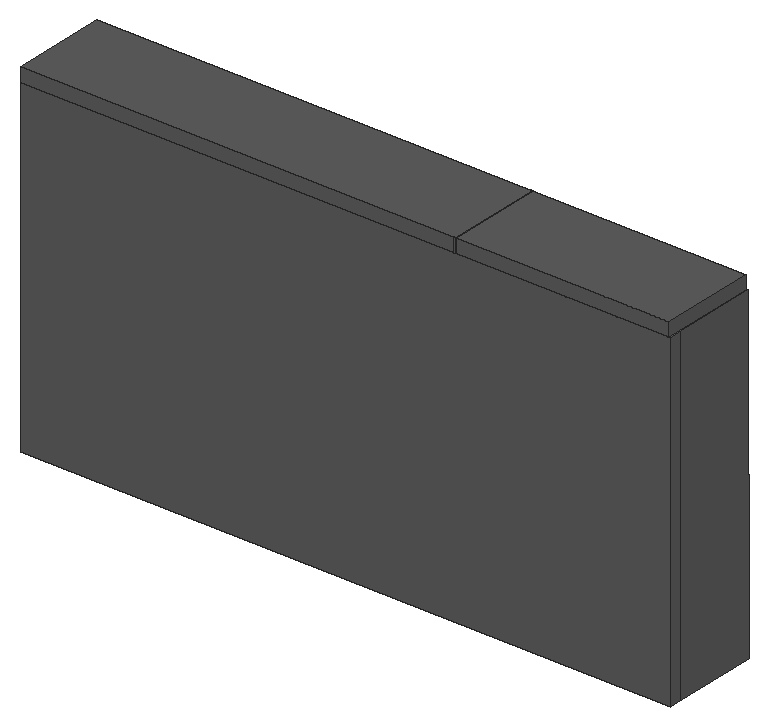
Revit family "WashbasinUnit-90cm-Left-Vitra-OriginSeries-65673+65674+65675", category Furniture Systems, host Face, Revit 2017
Family settings
  Host = Face
  Round Connector Dimension = Use Diameter
  Part Type = Normal
  OmniClass Number = 23.40.00.00
  OmniClass Title = Equipment and Furnishings
  Cut with Voids When Loaded = No
  Shared = Yes
  Room Calculation Point = No
Parameters (values of type "WashbasinUnit-Vitra-OriginSeries-90cm-Left_65673")
  Youtube = "https://www.youtube.com/user/VitrAglobal"
  Weight Net (kg) = "21"
  Warranty Period (Year) = "2"
  Uniformat II Description = "FURNISHINGS"
  Uniformat II Code = "E20"
  Uniclass 2015 Name = "Wash basins, sinks and troughs"
  Uniclass 2015 Code = "Pr_40_20_93"
  Uniclass 2.0 Description = "Bathroom Cabinets"
  Uniclass 2.0 Code = "PR-35-75-08"
  Uniclass 1.4 Description = "Bathroom Cabinets"
  Uniclass 1.4 Code = "L8241"
  URL = "https://vitraglobal.com/"
  UNSPSC Description = "Bathroom Cabinets"
  UNSPSC Code = "301815"
  Technical description = "https://www.vitraglobal.com/pdf/65673/"
  Tap hole Options (default) = ""
  Specification = ""
  Secondary Material = MattWhite
  Region South America = "All"
  Region Oceania = "All"
  Region North America = "All"
  Region Middle East = "All"
  Region Europe = "All"
  Region Asia = "All"
  Region Antarctica = "All"
  Region Africa = "All"
  Product url = "https://www.vitraglobal.com/bathroom-furniture/counters/storage-tables/origin-counter-with-drawer-sku-65673/"
  Product manual = ""
  Product group = "Washbasin Unit"
  Product family = "Origin"
  Product data url = "https://www.bimobject.com/vitra-bathrooms/product/65673-65674-65675"
  Product certification = "https://www.vitraglobal.com/brochures/"
  Product SKU = "65673"
  Product Guid = "https://www.vitraglobal.com/uyeIslem/fileDownload.aspx?udkEnc=jknA0+Tbm/Hm4TOyUwN+8y2DmbYZpN3DgWVixSaqpUl8lHcyJ4riURwxWsHd8AcBDazUBka7BIJo6TEQ9OYqmQ==&lang=en-US"
  Primary Material = Patterned Black Oak
  OmniClass Description = "Bathroom Cabinets"
  OmniClass Code = "23-31 25 13"
  Nominal Width (mm) = 900 mm
  Nominal Height (mm) = 135 mm
  Nominal Depth (mm) = 480 mm
  NBS Referans Description = "Bathroom Cabinets"
  NBS Referans Code = "35-75-08"
  Mounting type = "Wall-Hung"
  Masterformat 2014 Description = "Bathroom Unit Modules"
  Masterformat 2014 Code = "13 42 13"
  Manufacturer name = "VitrA"
  Manufacturer = "VitrA"
  Main Material = "Wood"
  Installation instructions = "https://www.vitraglobal.com/uyeIslem/fileDownload.aspx?udkEnc=YT1cocbwVf1nhQ2jtuzVLRf+lQtiPzEc0mZ6gFoRvuzyYprAYoFjRTn2tIH66LmL1a1Jq37ROE+33uM/PE7myg==&lang=en-US"
  IFC Classification = "Furniture"
  EAN code = ""
  Design country = "Turkey"
  Description = "Origin Washbasin Unit - 90 cm"
  Default Elevation = 660 mm
  Color = "Matt White/Dore Oak"
  COBIe Type Category = ""
  Brand = "VitrA"
  BIMobject category = "Bathroom compound units"
  Article No. (default) = "65673"
  Accessories (default) = ""
Types (3, lengths in mm): name | Technical description | Product url | Product data url | Product SKU | Primary Material | Description | Color | Article No. (default)
  WashbasinUnit-Vitra-OriginSeries-90cm-Left_65675 | "https://www.vitraglobal.com/pdf/65675/" | "" | "https://www.vitraglobal.com/bathroom-furniture/counters/storage-tables/origin-counter-with-drawer-sku-65675/" | "65675" | Natural Oak | "Origin Washbasin Unit, 90 cm" | "Flat Oak" | "65675"
  WashbasinUnit-Vitra-OriginSeries-90cm-Left_65674 | "https://www.vitraglobal.com/pdf/65674/" | "" | "https://www.vitraglobal.com/bathroom-furniture/counters/storage-tables/origin-counter-with-drawer-sku-65674/" | "65674" | Elm | "Origin Washbasin Unit, 90 cm" | "Elm" | "65674"
  WashbasinUnit-Vitra-OriginSeries-90cm-Left_65673 | "https://www.vitraglobal.com/pdf/65673/" | "https://www.vitraglobal.com/bathroom-furniture/counters/storage-tables/origin-counter-with-drawer-sku-65673/" | "https://www.bimobject.com/vitra-bathrooms/product/65673-65674-65675" | "65673" | Patterned Black Oak | "Origin Washbasin Unit - 90 cm" | "Matt White/Dore Oak" | "65673"
Reference planes
  plane 1 "Center (Front/Back)": y = 0
  plane 2: z = 0
  plane 3 "Center (Left/Right)": x = -8.77
  plane 4: x = 454.576
  plane 5: x = -445.424
  plane 6: y = 0.372
  plane 7: y = 135.372
  plane 8: z = 480
Forms (mm)
  Extrusion 1, solid, material "Patterned Black Oak" <- "Primary Material", detail levels fine
    sketch origin (-279.424, -0.624, 231.903) x (0, 0, 1) y (1, 0, 0)
      loop
        line (229.097, -166) -> (229.097, 734) -> (-228.5, 734) -> (-228.5, -166) -> (229.097, -166)
    from 0.997 to 17.997
  Extrusion 2, solid, material "Patterned Black Oak" <- "Primary Material", detail levels fine
    sketch origin (-295.424, 135.372, 232.403) x (0, 0, -1) y (1, 0, 0)
      loop
        line (229, -150) -> (229, -134) -> (-228.597, -134) -> (-228.597, -150) -> (229, -150)
      loop
        line (-228.597, 750) -> (-228.597, 734) -> (229, 734) -> (229, 750) -> (-228.597, 750)
    from 0 to 118
  Extrusion 3, solid, material "Patterned Black Oak" <- "Primary Material", detail levels fine
    sketch origin (-292.424, 133.372, 469.903) x (0, 0, -1) y (1, 0, 0)
      loop
        line (-10.097, -153) -> (8.903, -153) -> (8.903, 745) -> (-10.097, 745) -> (-10.097, -153)
    from 0 to 133
  Extrusion 4, solid, material "Patterned Black Oak" <- "Primary Material", detail levels fine
    sketch origin (-279.424, 134.372, 410.403) x (0, 0, 1) y (1, 0, 0)
      loop
        line (-49.403, -150) -> (50.597, -150) -> (50.597, 718) -> (-49.403, 718) -> (-49.403, -150)
      loop
        line (-307, 718) -> (-407, 718) -> (-407, -150) -> (-307, -150) -> (-307, 718)
    from 0 to -15.924
  Extrusion 5, solid, material "Patterned Black Oak" <- "Primary Material", detail levels fine
    sketch origin (580.073, 133.372, 469.903) x (0, 0, -1) y (1, 0, 0)
      loop
        line (-10.097, -422.903) -> (-10.097, -425.497) -> (8.903, -425.497) -> (8.903, -422.903) -> (-10.097, -422.903)
    from 0 to 133
  Extrusion 6, solid, detail levels coarse+medium
    sketch origin (0, 0, 0) x (1, 0, 0) y (0, 1, 0)
      loop
        line (454.576, 145.372) -> (-445.424, 145.372) -> (-445.424, 0.372) -> (454.576, 0.372) -> (454.576, 145.372)
    from 0 to 480
  Extrusion 7, void
    sketch origin (0, 0, 0) x (1, 0, 0) y (0, 1, 0)
      loop
        line (454.576, 145.372) -> (-445.424, 145.372) -> (-445.424, 0.372) -> (454.576, 0.372) -> (454.576, 145.372)
    from 480 to 954.713
Dimensions and locks
  "Nominal Height (mm)": plane 7 to plane 6
  plane 5 to plane 4 = 900 mm
  "Nominal Width (mm)": plane 5 to plane 4
  "Nominal Depth (mm)": host face to plane 8
  Extrusion 7 to Extrusion 7 = 474.713 mm
  aligned and locked: plane 2 to host face
  aligned and locked: level to host face
  aligned and locked: Extrusion 2 to Extrusion 1
  aligned and locked: Extrusion 1 to Extrusion 3  (x2)
  aligned and locked: Extrusion 4 to Extrusion 2  (x2)
  aligned and locked: Extrusion 6 to Extrusion 1  (x2)
  aligned and locked: Extrusion 7 sketch curve to Extrusion 6  (x2)
  aligned and locked: Extrusion 7 to Extrusion 3
Automatic sketch dimensions
  host sketch curve to host sketch curve = 2438.4 mm  (x2)
  plane 5 to Extrusion 1 sketch curve = 0 mm
  plane 4 to Extrusion 1 sketch curve = 0 mm
  level to Extrusion 1 sketch curve = 3.403 mm
  plane 8 to Extrusion 1 sketch curve = 19 mm
  plane 5 to Extrusion 2 sketch curve = 0 mm
  plane 4 to Extrusion 2 sketch curve = 0 mm
  plane 8 to Extrusion 2 sketch curve = 19 mm  (x2)
  level to Extrusion 2 sketch curve = 3.403 mm  (x2)
  Extrusion 2 sketch curve to plane 5 = 16 mm
  Extrusion 2 sketch curve to Extrusion 2 sketch curve = 16 mm
  Extrusion 3 sketch curve to plane 8 = 0 mm
  plane 5 to Extrusion 3 sketch curve = 0 mm
  plane 4 to Extrusion 3 sketch curve = 2 mm
  plane 8 to Extrusion 3 sketch curve = 19 mm
  level to Extrusion 4 sketch curve = 3.403 mm
  plane 4 to Extrusion 4 sketch curve = 16 mm  (x2)
  Extrusion 4 sketch curve to Extrusion 4 sketch curve = 100 mm
  plane 8 to Extrusion 4 sketch curve = 119 mm
  plane 8 to Extrusion 4 sketch curve = 19 mm
  Extrusion 4 sketch curve to plane 5 = 16 mm  (x2)
  Extrusion 5 sketch curve to plane 8 = 0 mm
  plane 8 to Extrusion 5 sketch curve = 19 mm
  plane 3 "Center (Left/Right)" to Extrusion 5 sketch curve = 163.345 mm
  Extrusion 5 sketch curve to Extrusion 5 sketch curve = 2.594 mm
  Extrusion 6 sketch curve to plane 5 = 0 mm
  Extrusion 6 sketch curve to plane 4 = 0 mm
  Extrusion 6 sketch curve to plane 6 = 0 mm
  plane 7 to Extrusion 6 sketch curve = 10 mm
  Extrusion 7 sketch curve to plane 6 = 0 mm
  plane 7 to Extrusion 7 sketch curve = 10 mm
